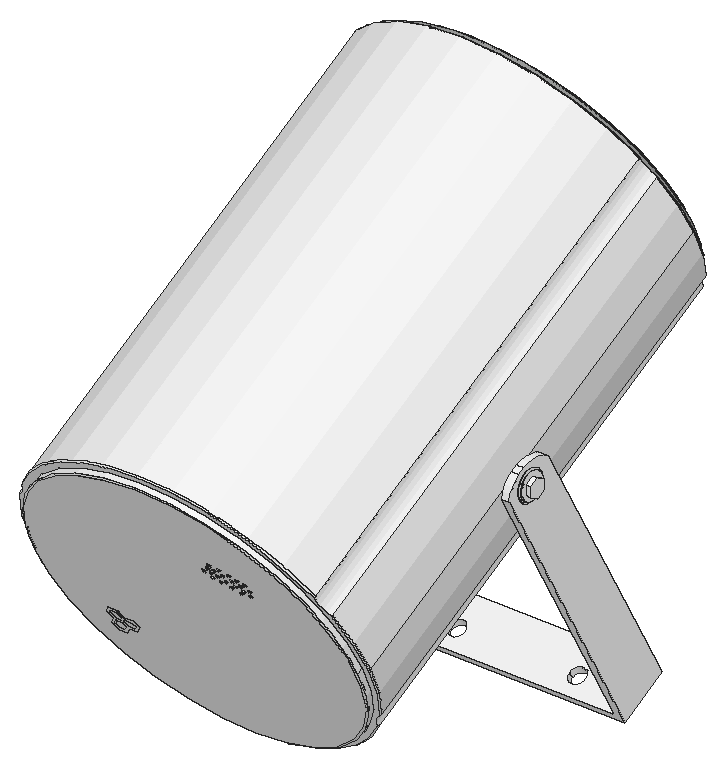
Revit family "EN-582474", category Electrical Equipment, Revit 2016
Family settings
  Panel Configuration = Two Columns, Circuits Across
  Part Type = Panelboard
  Round Connector Dimension = Use Diameter
  OmniClass Number = 23.80.30.11.17
  OmniClass Title = Distribution Boards and Control Panels
  Work Plane-Based = No
  Always vertical = Yes
  Cut with Voids When Loaded = No
  Shared = No
  Room Calculation Point = No
Parameters
  voltage = "100V/70V"
  Weekly = ""
  Warranty ID = ""
  Type = ""
  Supply Phase = "3"
  Shipping Weight = ""
  Shape = ""
  Set Point Concentration = 0.00 m²
  Responsible Sourcing of Materials = "Endorsing body"
  Responsible Extraction of Materials = ""
  Reference Standard = ""
  Quarterly = ""
  Product Range = ""
  Product Model Number = "Or  Code"
  Product Literature = ""
  Power Source (if required) = ""
  Overall Width = 225 mm
  Overall Length = 240 mm
  Overall Height = 165 mm
  O&M Manual = "External data hyperconnection"
  Number of Poles = "3"
  Monthly = ""
  Material2 = cutout
  Material Ingredient Reporting = ""
  Material = Steel
  Manufacturer Website = "External data hyperconnection"
  Maintenance Required 8001-12000hrs = ""
  Maintenance Required 601-1000hrs = ""
  Maintenance Required 40001-8000hrs = ""
  Maintenance Required 301-600hrs = ""
  Maintenance Required 2001-4000hrs = ""
  Maintenance Required 1001-2000hrs = ""
  Maintenance Required 0-300hrs = ""
  Location of Manufacturer = "Northing,Easting"
  Life Cycle Analysis = "A - E"
  Gross Weight = "2.05Kg"
  Green Guide for Specification = "A - E"
  Frequency = "350 Hz ~ 12 kHz"
  Fire Control Panel Links = yes
  Finish = ""
  Features = "Free text to describe product"
  Expected Life = "*Years"
  Environmental Product Declaration = "3rd Party Verification"
  Energy Technology List = "External data hyperconnection"
  Enclosure Rating = "IP rating"
  Embodied Carbon = "kgCO2"
  Default elevation = 1219.2 mm
  Daily = ""
  Coverage Area = 0.056 m²
  Colour = ""
  CE Approval = "Number, Yes, No"
  Bespoke Timeframe = ""
  Battery Type = "e.g. Alkaline, Lithium Ion Rechargeable"
  Battery Supply = ""
  BMS Links = yes
  Annually = ""
  Access Clearance Top = 0 mm
  Access Clearance Right = 0 mm
  Access Clearance Rear = 0 mm
  Access Clearance Left = 0 mm
  Access Clearance Front = 0 mm
  Access Clearance Bottom = 0 mm
  6 Monthly = ""
Reference planes
  plane 1 "Center (Front/Back)": y = 0
  plane 2: z = 0
  plane 3 "Center (Left/Right)": x = 0
Dimensions and locks
  aligned and locked: level to plane 2
Nested families
  nested 1: "582474" at (0, 0, 0), type "582474"
Definition of nested family "582474"
  Parameters (values of type "582474")
    Material2 = none
    Material = none
    1 = none
  Reference planes
    plane 1 "Center (Front/Back)": y = 0
    plane 2: z = 0
    plane 3 "Center (Left/Right)": x = 0
    plane 4: y = -195
  Forms (mm)
    Extrusion 1, solid, material <- "Material2"
      sketch origin (0, -11.412, 45.772) x (1, 0, 0) y (0, -0.469472, 0.882948)
        loop
          circle (0, 0) r 70
        loop
          circle (0, 0) r 65
      from 3.148 to 193.431
    Extrusion 2, solid, material <- "1"
      sketch origin (0, -11.412, 45.772) x (1, 0, 0) y (0, -0.469472, 0.882948)
        loop
          circle (0, 0) r 67
      from 0 to 3.148
    Revolve 3, void
      sketch origin (0, -11.412, 45.772) x (0, 0.882948, 0.469472) y (0, -0.469472, 0.882948)
        loop
          line (0.375, 64.519) -> (0.375, 68.003) -> (-1.367, 68.003)
          arc (-1.367, 68.003) -> (-0.084, 66.466) -> (0.375, 64.519) r 4.355
        axis (0.375, 0) -> (-1.367, 0)
      angle from 0 to 360
    Revolve 4, void
      sketch origin (0, -11.412, 45.772) x (0, 0.882948, 0.469472) y (0, -0.469472, 0.882948)
        loop
          line (-2.914, 68.978) -> (-2.914, 70.327) -> (-4.263, 70.327)
          arc (-4.263, 70.327) -> (-3.309, 69.932) -> (-2.914, 68.978) r 1.349
        axis (-2.914, 0) -> (-4.263, 0)
      angle from 0 to 360
    Extrusion 5, void
      sketch origin (0, -11.412, 45.772) x (1, 0, 0) y (0, -0.469472, 0.882948)
        loop
          arc (65.69, -26.109) -> (61.444, -30.931) -> (60.76, -37.32) r 10.607
          line (60.76, -37.32) -> (63.541, -41.948) -> (72.113, -36.798) -> (65.69, -26.109)
        loop
          line (65.69, 26.109) -> (72.113, 36.798) -> (63.541, 41.948) -> (60.76, 37.32)
          arc (60.76, 37.32) -> (61.444, 30.931) -> (65.69, 26.109) r 10.607
        loop
          line (-65.69, -26.109) -> (-72.113, -36.798) -> (-63.541, -41.948) -> (-60.76, -37.32)
          arc (-60.76, -37.32) -> (-61.444, -30.931) -> (-65.69, -26.109) r 10.607
        loop
          arc (-65.69, 26.109) -> (-61.444, 30.931) -> (-60.76, 37.32) r 10.607
          line (-60.76, 37.32) -> (-63.541, 41.948) -> (-72.113, 36.798) -> (-65.69, 26.109)
      from 3.148 to 195
    Extrusion 6, solid
      sketch origin (0, -11.412, 45.772) x (1, 0, 0) y (0, -0.469472, 0.882948)
        loop
          line (-38.011, -22.922) -> (-39.776, -19.865) -> (-43.306, -19.865) -> (-45.071, -22.922) -> (-43.306, -25.979) -> (-45.071, -29.036) -> (-43.306, -32.093) -> (-39.776, -32.093) -> (-38.011, -29.036) -> (-34.481, -29.036) -> (-32.716, -25.979) -> (-34.481, -22.922) -> (-38.011, -22.922)
        loop
          line (-40.354, -20.865) -> (-42.729, -20.865) -> (-43.917, -22.922) -> (-42.44, -25.479) -> (-40.065, -25.479) -> (-38.877, -23.422) -> (-40.354, -20.865)
        loop
          line (-35.059, -23.922) -> (-38.011, -23.922) -> (-39.199, -25.979) -> (-38.011, -28.036) -> (-35.059, -28.036) -> (-33.871, -25.979) -> (-35.059, -23.922)
        loop
          line (-40.354, -31.093) -> (-38.877, -28.536) -> (-40.065, -26.479) -> (-42.44, -26.479) -> (-43.917, -29.036) -> (-42.729, -31.093) -> (-40.354, -31.093)
      from -0.188 to 0
    Revolve 7, void
      sketch origin (0, -11.412, 45.772) x (0, 0.882948, 0.469472) y (0, -0.469472, 0.882948)
        loop
          line (-190.798, 70.612) -> (-194.07, 70.612) -> (-194.07, 69.318)
          arc (-194.07, 69.318) -> (-192.506, 70.147) -> (-190.798, 70.612) r 7.98
        axis (-194.07, 0) -> (-190.798, 0)
      angle from 0 to 360
    Extrusion 8, solid, material <- "Material2"
      sketch origin (0, -16.328, 49.274) x (1, 0, 0) y (0, -0.48481, 0.87462)
        loop
          line (70.927, 0) -> (70.927, -125) -> (-71.031, -125) -> (-71.031, 0) -> (-74.031, 0) -> (-74.031, -128) -> (73.927, -128) -> (73.927, 0) -> (70.927, 0)
      from 93.573 to 115.435
    Extrusion 9, solid, material <- "Material"
      sketch origin (0, 0, 0) x (0, 1, 0) y (0, 0, 1)
        loop
          circle (-104.876, -8.776) r 6
      from 69.991 to 70.927
    Extrusion 10, void
      sketch origin (0, -11.467, 43.535) x (0, 0.906308, 0.422618) y (0, 0.422618, -0.906308)
        loop
          arc (-94.076, 7.429) -> (-105.648, -0.01) -> (-117.771, 6.491) r 13.566
          line (-117.771, 6.491) -> (-117.771, -7.175) -> (-94.076, -7.175) -> (-94.076, 7.429)
      from 70.927 to 73.927
    Extrusion 11, solid, material <- "Material"
      sketch origin (0, 0, 0) x (0, 1, 0) y (0, 0, 1)
        loop
          circle (-104.719, -8.64) r 6.177
      from 73.927 to 74.613
    Extrusion 12, solid, material <- "Material"
      sketch origin (1.341, 0, 0) x (0, 1, 0) y (0, 0, 1)
        loop
          circle (-104.719, -8.64) r 5.5
      from 73.273 to 73.974
    Extrusion 13, solid, material <- "Material"
      sketch origin (0, 0, 0) x (0, 1, 0) y (0, 0, 1)
        loop
          line (-108.227, -10.417) -> (-104.901, -12.337) -> (-101.574, -10.417) -> (-101.574, -6.575) -> (-104.901, -4.654) -> (-108.227, -6.575) -> (-108.227, -10.417)
      from 75.315 to 77.713
    Extrusion 14, solid, material <- "Material"
      sketch origin (0, 0, 0) x (0, 1, 0) y (0, 0, -1)
        loop
          circle (-104.876, 8.776) r 6
      from 69.991 to 70.927
    Extrusion 15, solid, material <- "Material"
      sketch origin (0, 0, 0) x (0, 1, 0) y (0, 0, -1)
        loop
          circle (-104.719, 8.64) r 6.177
      from 73.927 to 74.613
    Extrusion 16, solid, material <- "Material"
      sketch origin (-1.341, 0, 0) x (0, 1, 0) y (0, 0, -1)
        loop
          circle (-104.719, 8.64) r 5.5
      from 73.273 to 73.974
    Extrusion 17, solid, material <- "Material"
      sketch origin (0, 0, 0) x (0, 1, 0) y (0, 0, -1)
        loop
          line (-108.227, 10.417) -> (-108.227, 6.575) -> (-104.901, 4.654) -> (-101.574, 6.575) -> (-101.574, 10.417) -> (-104.901, 12.337) -> (-108.227, 10.417)
      from 75.315 to 77.713
    Extrusion 18, void
      sketch origin (0, -11.467, 43.535) x (0, 0.906308, 0.422618) y (0, -0.422618, 0.906308)
        loop
          line (-94.076, -7.429) -> (-94.076, 7.175) -> (-117.771, 7.175) -> (-117.771, -6.491)
          arc (-117.771, -6.491) -> (-105.648, 0.01) -> (-94.076, -7.429) r 13.566
      from 70.927 to 73.927
    Extrusion 19, void
      sketch origin (0, -166.803, -174.392) x (1, 0, 0) y (0, -0.87462, -0.48481)
        loop
          circle (0, -132.839) r 3.5
        loop
          circle (50, -132.839) r 3.5
        loop
          circle (-50, -132.839) r 3.5
      from 0.2 to 8.343
    Extrusion 20, solid, material <- "Material2"
      sketch origin (0, -184.68, -46.356) x (1, 0, 0) y (0, 0.469472, -0.882948)
        loop
          circle (0, 0) r 67
        loop
          circle (33.291, -28.009) r 0.969
        loop
          circle (30.046, -29.19) r 0.969
        loop
          circle (26.871, -30.346) r 0.969
        loop
          circle (23.4, -31.609) r 0.969
        loop
          circle (20.17, -32.785) r 0.969
        loop
          circle (17.85, -32.785) r 0.969
        loop
          circle (20.795, -29.84) r 0.969
        loop
          circle (23.826, -28.427) r 0.969
        loop
          circle (27.435, -27.46) r 0.969
        loop
          circle (30.31, -26.413) r 0.969
        loop
          circle (32.423, -30.945) r 0.969
        loop
          circle (29.477, -31.734) r 0.969
        loop
          circle (26.484, -33.13) r 0.969
        loop
          circle (23.015, -34.393) r 0.969
        loop
          circle (19.086, -35.085) r 0.969
        loop
          circle (18.368, -30.379) r 0.969
        loop
          circle (21.252, -26.993) r 0.969
        loop
          circle (24.983, -25.993) r 0.969
        loop
          circle (28.657, -24.28) r 0.969
        loop
          circle (32.61, -24.978) r 0.969
        loop
          circle (17.886, -27.84) r 0.969
        loop
          circle (15.345, -30.38) r 0.969
      from 0 to 3.148
    Revolve 21, void
      sketch origin (0, -184.68, -46.356) x (0, -0.882948, -0.469472) y (0, -0.469472, 0.882948)
        loop
          line (0.375, 64.519) -> (0.375, 68.003) -> (-1.367, 68.003)
          arc (-1.367, 68.003) -> (-0.084, 66.466) -> (0.375, 64.519) r 4.355
        axis (0.375, 0) -> (-1.367, 0)
      angle from 0 to 360
    Extrusion 22, solid, material <- "Material2"
      sketch origin (0, -184.68, -46.356) x (1, 0, 0) y (0, 0.469472, -0.882948)
        loop
          line (-38.011, 22.922) -> (-34.481, 22.922) -> (-32.716, 25.979) -> (-34.481, 29.036) -> (-38.011, 29.036) -> (-39.776, 32.093) -> (-43.306, 32.093) -> (-45.071, 29.036) -> (-43.306, 25.979) -> (-45.071, 22.922) -> (-43.306, 19.865) -> (-39.776, 19.865) -> (-38.011, 22.922)
        loop
          line (-40.354, 20.865) -> (-38.877, 23.422) -> (-40.065, 25.479) -> (-42.44, 25.479) -> (-43.917, 22.922) -> (-42.729, 20.865) -> (-40.354, 20.865)
        loop
          line (-35.059, 23.922) -> (-33.871, 25.979) -> (-35.059, 28.036) -> (-38.011, 28.036) -> (-39.199, 25.979) -> (-38.011, 23.922) -> (-35.059, 23.922)
        loop
          line (-40.354, 31.093) -> (-42.729, 31.093) -> (-43.917, 29.036) -> (-42.44, 26.479) -> (-40.065, 26.479) -> (-38.877, 28.536) -> (-40.354, 31.093)
      from -0.188 to 0
  Cuts and joins
    Revolve 3, Revolve 21 cuts Extrusion 2
    Revolve 4, Extrusion 5, Revolve 7 cuts Extrusion 1
    Extrusion 10, Extrusion 18, Extrusion 19 cuts Extrusion 8
    Revolve 21 cuts Extrusion 20
  Dimensions and locks
    aligned and locked: level to plane 2
